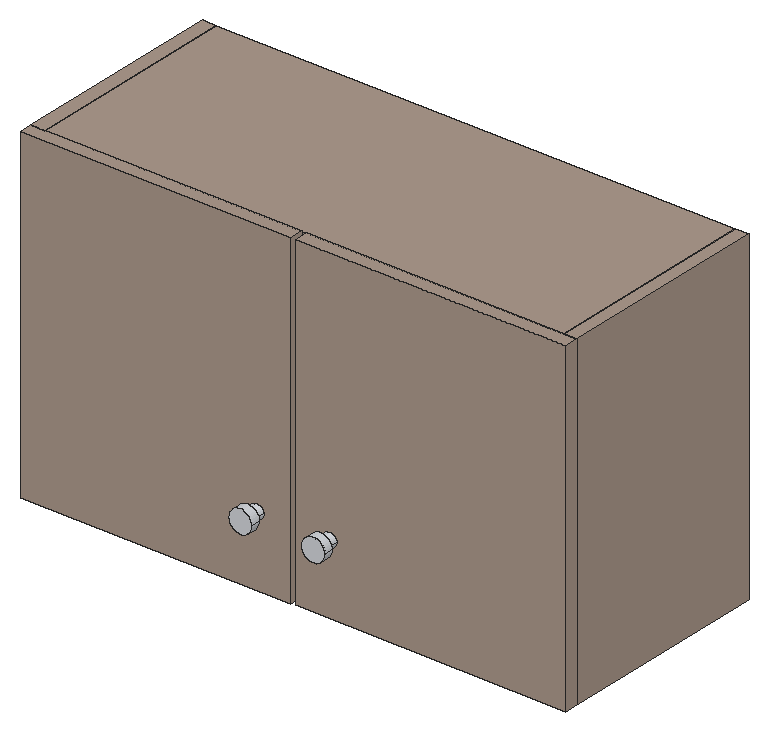
Revit family "AO_CW_CabinetsUpperPair_Gen_FB_IRVINE_CO", category Casework, Revit 2019
Family settings
  OmniClass Number = 23.40.35.00
  OmniClass Title = Casework
  Work Plane-Based = No
  Always vertical = Yes
  Cut with Voids When Loaded = No
  Shared = No
  Room Calculation Point = No
Parameters (values of type "kitchen above microhood")
  Top Panel Material = none
  Top Height = 7' - 6"
  Side Panel Material = none
  Shelving = no
  Shelf Panel Material = none
  Door Panel Material = none
  Depth = 1' - 0 1/2"
  Height = 6' - 0"
  Width = 2' - 6"
  Cabinet Pulls [instance] = yes
Types (3): name | Depth | Width
  kitchen above microhood | 1' - 0 1/2" | 2' - 6"
  kitchen above refridgerator | 2' - 0" | 2' - 9"
  kitchen above sink | 1' - 0 1/2" | 2' - 9"
Reference planes (in)
  plane 1 "Back": y = -11.5
  plane 2: z = 0
  plane 3 "Center (Left/Right)": x = 0.7377
  plane 4 "Left": x = -14.2623
  plane 5 "Right": x = 15.7377
  plane 6 "Front": y = -24
  plane 7 "Bottom": z = 72
  plane 8: x = 0.8627
  plane 9: x = 0.6127
  plane 10 "Top": z = 90
  plane 11: z = 89.25
  plane 12: x = -13.5123
  plane 13: x = 14.9877
  plane 14: z = 72.75
  plane 15: z = 75.87426
  plane 16: z = 81
  plane 17: z = 83.75
  plane 18: z = 83
  plane 19: z = 78.25
  plane 20: z = 77.5
Forms (in)
  Extrusion 1, solid, material <- "Shelf Panel Material"
    sketch origin (0, -11.5, 72) x (0, -1, 0) y (1, 0, 0)
      loop
        line (11.75, 14.9877) -> (0, 14.9877) -> (0, -13.5123) -> (11.75, -13.5123) -> (11.75, 14.9877)
    from 0 to 0.75
  Extrusion 2, solid, material <- "Top Panel Material"
    sketch origin (0, -11.5, 90) x (-1, 0, 0) y (0, -1, 0)
      loop
        line (-14.9877, 11.75) -> (-14.9877, 0) -> (13.5123, 0) -> (13.5123, 11.75) -> (-14.9877, 11.75)
    from 0 to -0.75
  Extrusion 3, solid, material <- "Side Panel Material"
    sketch origin (-14.2623, -11.5, 0) x (0, -1, 0) y (0, 0, 1)
      loop
        line (0, 90) -> (0, 72) -> (11.75, 72) -> (11.75, 90) -> (0, 90)
    from 0 to -0.75
  Extrusion 4, solid, material <- "Side Panel Material"
    sketch origin (15.7377, -11.5, 0) x (0, -1, 0) y (0, 0, 1)
      loop
        line (0, 90) -> (0, 72) -> (11.75, 72) -> (11.75, 90) -> (0, 90)
    from 0 to 0.75
  Extrusion 5, solid, material <- "Door Panel Material"
    sketch origin (0.7377, -24, 6) x (-1, 0, 0) y (0, 0, 1)
      loop
        line (15, 84) -> (0.125, 84) -> (0.125, 66) -> (15, 66) -> (15, 84)
    from 0 to 0.75
  Extrusion 6, solid, material <- "Door Panel Material"
    sketch origin (0.7377, -24, 6) x (-1, 0, 0) y (0, 0, 1)
      loop
        line (-0.125, 84) -> (-15, 84) -> (-15, 66) -> (-0.125, 66) -> (-0.125, 84)
    from 0 to 0.75
  Extrusion 7, solid
    sketch origin (0, -11.5, 0) x (1, 0, 0) y (0, 0, 1)
      loop
        line (-13.5123, 89.25) -> (-13.5123, 72.75) -> (14.9877, 72.75) -> (14.9877, 89.25) -> (-13.5123, 89.25)
    from 0 to 0.75
Lines and regions (in)
  symbolic lines, style "Centerline"
    curve 1: line (0.6127, -24, 90) -> (-14.2623, -24, 81)
    curve 2: line (-14.2623, -24, 81) -> (0.6127, -24, 72)
    curve 3: line (0.8627, -24, 72) -> (15.7377, -24, 81)
    curve 4: line (15.7377, -24, 81) -> (0.8627, -24, 90)
  symbolic lines, style "InvisibleLines"
    curve 5: line (-14.2623, -11.5, 0) -> (15.7377, -11.5, 0)
  symbolic lines, style "AO_HiddenUpperCounter"
    curve 6: line (-14.2623, -24, 0) -> (-14.2623, -11.5, 0)
    curve 7: line (15.7377, -24, 0) -> (-14.2623, -24, 0)
    curve 8: line (15.7377, -11.5, 0) -> (15.7377, -24, 0)
    curve 13: line (-1.0123, -24, 0) -> (-1.50074, -24, 0)
    curve 14: line (2.9877, -24, 0) -> (2.49926, -24, 0)
  symbolic lines, style "Hidden Lines 1/16"", visible <- "Shelving"
    curve 9: line (-14.2623, -24, 83.75) -> (15.7377, -24, 83.75)
    curve 10: line (-14.2623, -24, 83) -> (15.7377, -24, 83)
    curve 11: line (-14.2623, -24, 77.5) -> (15.7377, -24, 77.5)
    curve 12: line (-14.2623, -24, 78.25) -> (15.7377, -24, 78.25)
Dimensions and locks (in)
  "Depth": plane 6 "Front" to plane 1 "Back"
  equal spacing: plane 4 "Left", plane 3 "Center (Left/Right)", plane 5 "Right"  (x2)
  "Height": level to plane 7 "Bottom"
  Extrusion 5 to Extrusion 6 = 2' - 6"
  "Top Height": plane 10 "Top" to level
  locked: plane 10 "Top" to plane 11 at 0.75
  locked: plane 14 to plane 7 "Bottom" at 0.75
  locked: plane 4 "Left" to plane 12 at 0.75
  locked: plane 13 to plane 5 "Right" at 0.75
  locked: plane 15 to plane 7 "Bottom" at 3.87426
  plane 10 "Top" to plane 7 "Bottom" = 1' - 6"
  equal spacing: plane 10 "Top", plane 16, plane 7 "Bottom"
  locked: plane 17 to plane 18 at 0.75
  locked: plane 19 to plane 20 at 0.75
  equal spacing: plane 11, plane 17, plane 19, plane 14
  "Width": plane 4 "Left" to plane 5 "Right"
  aligned and locked: plane 2 to level
  aligned and locked: Extrusion 4 sketch curve to Extrusion 3
  aligned and locked: Extrusion 3 to Extrusion 4 sketch curve
  aligned and locked: Extrusion 6 sketch curve to Extrusion 4
  aligned and locked: Extrusion 7 sketch curve to Extrusion 2
  aligned and locked: Extrusion 1 to Extrusion 7 sketch curve
  aligned and locked: Extrusion 6 sketch curve to plane 8
  aligned and locked: plane 9 to Extrusion 5 sketch curve
  aligned and locked: Extrusion 6 sketch curve to plane 10 "Top"
  aligned and locked: Extrusion 6 sketch curve to plane 7 "Bottom"
  aligned and locked: Extrusion 5 sketch curve to plane 10 "Top"
  aligned and locked: Extrusion 5 sketch curve to plane 7 "Bottom"
  aligned and locked: plane 10 "Top" to Extrusion 2
  aligned and locked: plane 7 "Bottom" to Extrusion 1
  aligned and locked: plane 7 "Bottom" to Extrusion 4
  aligned and locked: plane 7 "Bottom" to Extrusion 3
  aligned and locked: plane 10 "Top" to Extrusion 4
  aligned and locked: plane 10 "Top" to Extrusion 3
  aligned and locked: plane 4 "Left" to Extrusion 5
  aligned and locked: Extrusion 7 sketch curve to Extrusion 4
  aligned and locked: Extrusion 6 to Extrusion 2 sketch curve
  aligned and locked: Extrusion 6 to Extrusion 1 sketch curve
  aligned and locked: plane 1 "Back" to curve 5
  aligned and locked: curve 6 to plane 4 "Left"
  aligned and locked: curve 7 to plane 6 "Front"
  aligned and locked: plane 5 "Right" to curve 8
  aligned and locked: curve 9 to plane 17
  aligned and locked: curve 10 to plane 18
  aligned and locked: curve 12 to plane 19
  aligned and locked: curve 11 to plane 20
  aligned and locked: nested 2 to plane 15
  aligned and locked: plane 15 to nested 1
Automatic sketch dimensions
  plane 12 to Extrusion 2 sketch curve = 0' - 0"
  Extrusion 2 sketch curve to plane 13 = 0' - 0"
  Extrusion 1 sketch curve to plane 12 = 0' - 0"
  Extrusion 1 sketch curve to plane 13 = 0' - 0"
  plane 1 "Back" to Extrusion 2 sketch curve = 0' - 0"
  plane 1 "Back" to Extrusion 1 sketch curve = 0' - 0"
  Extrusion 3 sketch curve to plane 1 "Back" = 0' - 0"
  plane 7 "Bottom" to Extrusion 3 sketch curve = 0' - 0"
  Extrusion 3 sketch curve to plane 10 "Top" = 0' - 0"
  Extrusion 3 sketch curve to plane 6 "Front" = 0' - 0 3/4"
  plane 7 "Bottom" to Extrusion 4 sketch curve = 0' - 0"
  Extrusion 4 sketch curve to plane 10 "Top" = 0' - 0"
  plane 4 "Left" to Extrusion 5 sketch curve = 0' - 0"
  Extrusion 7 sketch curve to plane 12 = 0' - 0"
  plane 4 "Left" to curve 1 = 0' - 0"
  plane 4 "Left" to curve 10 = 0' - 0"
  plane 4 "Left" to curve 12 = 0' - 0"
  plane 4 "Left" to curve 11 = 0' - 0"
  plane 4 "Left" to curve 9 = 0' - 0"
  curve 2 to plane 7 "Bottom" = 0' - 0"
  curve 1 to plane 10 "Top" = 0' - 0"
  curve 3 to plane 7 "Bottom" = 0' - 0"
  curve 4 to plane 10 "Top" = 0' - 0"
  plane 5 "Right" to curve 10 = 0' - 0"
  plane 5 "Right" to curve 3 = 0' - 0"
  plane 5 "Right" to curve 11 = 0' - 0"
  plane 5 "Right" to curve 12 = 0' - 0"
  plane 5 "Right" to curve 9 = 0' - 0"
  curve 4 to plane 16 = 0' - 0"
  curve 2 to plane 16 = 0' - 0"
  curve 2 to plane 3 "Center (Left/Right)" = 0' - 0 1/8"
  curve 1 to plane 3 "Center (Left/Right)" = 0' - 0 1/8"
  plane 3 "Center (Left/Right)" to curve 3 = 0' - 0 1/8"
  plane 3 "Center (Left/Right)" to curve 4 = 0' - 0 1/8"
  plane 6 "Front" to curve 14 = 0' - 0"
  plane 3 "Center (Left/Right)" to curve 14 = 0' - 1.76155"
  curve 14 to curve 14 = 0' - 0.48845"
  plane 6 "Front" to curve 13 = 0' - 0"
  curve 13 to plane 3 "Center (Left/Right)" = 0' - 2.23845"
  curve 13 to curve 13 = 0' - 0.48845"
Nested families (in)
  nested 1: "Family1" at (-1.2623, -24, 75.87426) x (-1, 0, 0) z (0, -1, 0), visible <- "Cabinet Pulls", type "Family1"
  nested 2: "Family1" at (2.7377, -24, 75.87426) x (1, 0, 0) z (0, -1, 0), visible <- "Cabinet Pulls", type "Family1"
Definition of nested family "Family1"
  Parameters (values of type "Family1")
    Default Elevation = 4' - 0"
  Reference planes (in)
    plane 1 "Center (Front/Back)": y = 0
    plane 2: z = 0
    plane 3 "Center (Left/Right)": x = 0
  Forms (in)
    Extrusion 1, solid
      sketch origin (0, 0, 0) x (1, 0, 0) y (0, 1, 0)
        loop
          line (-48, 48) -> (-48, -48) -> (48, -48) -> (48, 48) -> (-48, 48)
      from 0 to -12
    Blend 2, solid
      base sketch origin (0, 0, 0) x (1, 0, 0) y (0, 1, 0)
        loop
          circle (0, 0) r 0.375
      top sketch origin (0, 0, 0) x (1, 0, 0) y (0, 1, 0)
        loop
          circle (0, 0) r 0.25
      from 0 to 0.625
    Extrusion 3, solid
      sketch origin (0, 0, 0) x (1, 0, 0) y (0, 1, 0)
        loop
          circle (0, 0) r 0.625
      from 0.625 to 1.125
  Dimensions and locks (in)
    aligned and locked: plane 2 to Extrusion 1
    aligned and locked: level to Extrusion 1
